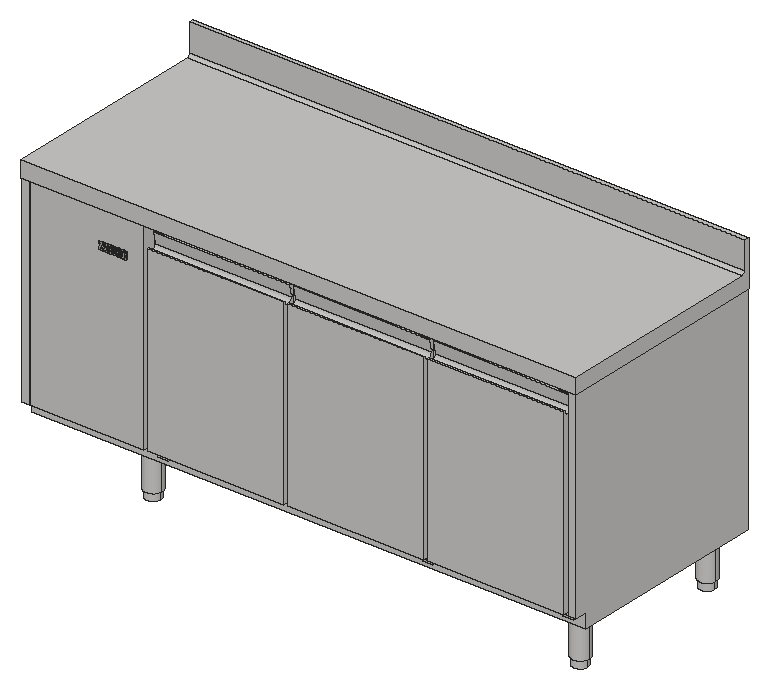
Revit family "QF_ZANUSSI_111038_ZH3H3AAA", category Specialty Equipment, Revit 2018 (continued)
Definition of nested family "ZAN_Cooling Unit"
  Lines and regions (mm)
    Split face 129
      outline origin (55.016, 2, -293.144) x (0, 0, 1) y (-1, 0, 0)
        loop
          arc (502.647, 116.535) -> (506.648, 112.533) -> (510.649, 116.535) r 4.001
          line (510.649, 116.535) -> (510.649, 158.547)
    Split face 130
      outline origin (110.032, 2, -113.091) x (0, 0, 1) y (-1, 0, 0)
        loop
          arc (510.649, 158.547) -> (506.648, 162.548) -> (502.647, 158.547) r 4.001
          line (502.647, 158.547) -> (502.647, 116.535)
          arc (502.647, 116.535) -> (506.648, 112.533) -> (510.649, 116.535) r 4.001
          line (510.649, 116.535) -> (510.649, 158.547)
    Split face 131
      outline origin (110.032, 2, -125.094) x (0, 0, 1) y (-1, 0, 0)
        loop
          arc (510.649, 158.547) -> (506.648, 162.548) -> (502.647, 158.547) r 4.001
          line (502.647, 158.547) -> (502.647, 116.535)
          arc (502.647, 116.535) -> (506.648, 112.533) -> (510.649, 116.535) r 4.001
          line (510.649, 116.535) -> (510.649, 158.547)
    Split face 132
      outline origin (110.032, 2, -137.098) x (0, 0, 1) y (-1, 0, 0)
        loop
          arc (510.649, 158.547) -> (506.648, 162.548) -> (502.647, 158.547) r 4.001
          line (502.647, 158.547) -> (502.647, 116.535)
          arc (502.647, 116.535) -> (506.648, 112.533) -> (510.649, 116.535) r 4.001
          line (510.649, 116.535) -> (510.649, 158.547)
    Split face 133
      outline origin (110.032, 2, -149.101) x (0, 0, 1) y (-1, 0, 0)
        loop
          arc (510.649, 158.547) -> (506.648, 162.548) -> (502.647, 158.547) r 4.001
          line (502.647, 158.547) -> (502.647, 116.535)
          arc (502.647, 116.535) -> (506.648, 112.533) -> (510.649, 116.535) r 4.001
          line (510.649, 116.535) -> (510.649, 158.547)
    Split face 134
      outline origin (110.032, 2, -161.105) x (0, 0, 1) y (-1, 0, 0)
        loop
          arc (510.649, 158.547) -> (506.648, 162.548) -> (502.647, 158.547) r 4.001
          line (502.647, 158.547) -> (502.647, 116.535)
          arc (502.647, 116.535) -> (506.648, 112.533) -> (510.649, 116.535) r 4.001
          line (510.649, 116.535) -> (510.649, 158.547)
    Split face 135
      outline origin (110.032, 2, -173.108) x (0, 0, 1) y (-1, 0, 0)
        loop
          arc (510.649, 158.547) -> (506.648, 162.548) -> (502.647, 158.547) r 4.001
          line (502.647, 158.547) -> (502.647, 116.535)
          arc (502.647, 116.535) -> (506.648, 112.533) -> (510.649, 116.535) r 4.001
          line (510.649, 116.535) -> (510.649, 158.547)
    Split face 136
      outline origin (110.032, 2, -185.112) x (0, 0, 1) y (-1, 0, 0)
        loop
          arc (510.649, 158.547) -> (506.648, 162.548) -> (502.647, 158.547) r 4.001
          line (502.647, 158.547) -> (502.647, 116.535)
          arc (502.647, 116.535) -> (506.648, 112.533) -> (510.649, 116.535) r 4.001
          line (510.649, 116.535) -> (510.649, 158.547)
    Split face 137
      outline origin (110.032, 2, -197.115) x (0, 0, 1) y (-1, 0, 0)
        loop
          arc (510.649, 158.547) -> (506.648, 162.548) -> (502.647, 158.547) r 4.001
          line (502.647, 158.547) -> (502.647, 116.535)
          arc (502.647, 116.535) -> (506.648, 112.533) -> (510.649, 116.535) r 4.001
          line (510.649, 116.535) -> (510.649, 158.547)
    Split face 138
      outline origin (110.032, 2, -209.119) x (0, 0, 1) y (-1, 0, 0)
        loop
          arc (510.649, 158.547) -> (506.648, 162.548) -> (502.647, 158.547) r 4.001
          line (502.647, 158.547) -> (502.647, 116.535)
          arc (502.647, 116.535) -> (506.648, 112.533) -> (510.649, 116.535) r 4.001
          line (510.649, 116.535) -> (510.649, 158.547)
    Split face 139
      outline origin (110.032, 2, -221.122) x (0, 0, 1) y (-1, 0, 0)
        loop
          arc (510.649, 158.547) -> (506.648, 162.548) -> (502.647, 158.547) r 4.001
          line (502.647, 158.547) -> (502.647, 116.535)
          arc (502.647, 116.535) -> (506.648, 112.533) -> (510.649, 116.535) r 4.001
          line (510.649, 116.535) -> (510.649, 158.547)
    Split face 140
      outline origin (110.032, 2, -233.126) x (0, 0, 1) y (-1, 0, 0)
        loop
          arc (510.649, 158.547) -> (506.648, 162.548) -> (502.647, 158.547) r 4.001
          line (502.647, 158.547) -> (502.647, 116.535)
          arc (502.647, 116.535) -> (506.648, 112.533) -> (510.649, 116.535) r 4.001
          line (510.649, 116.535) -> (510.649, 158.547)
    Split face 141
      outline origin (110.032, 2, -245.129) x (0, 0, 1) y (-1, 0, 0)
        loop
          arc (510.649, 158.547) -> (506.648, 162.548) -> (502.647, 158.547) r 4.001
          line (502.647, 158.547) -> (502.647, 116.535)
          arc (502.647, 116.535) -> (506.648, 112.533) -> (510.649, 116.535) r 4.001
          line (510.649, 116.535) -> (510.649, 158.547)
    Split face 142
      outline origin (110.032, 2, -257.133) x (0, 0, 1) y (-1, 0, 0)
        loop
          arc (510.649, 158.547) -> (506.648, 162.548) -> (502.647, 158.547) r 4.001
          line (502.647, 158.547) -> (502.647, 116.535)
          arc (502.647, 116.535) -> (506.648, 112.533) -> (510.649, 116.535) r 4.001
          line (510.649, 116.535) -> (510.649, 158.547)
    Split face 143
      outline origin (110.032, 2, -269.136) x (0, 0, 1) y (-1, 0, 0)
        loop
          arc (510.649, 158.547) -> (506.648, 162.548) -> (502.647, 158.547) r 4.001
          line (502.647, 158.547) -> (502.647, 116.535)
          arc (502.647, 116.535) -> (506.648, 112.533) -> (510.649, 116.535) r 4.001
          line (510.649, 116.535) -> (510.649, 158.547)
    Split face 144
      outline origin (110.032, 2, -281.14) x (0, 0, 1) y (-1, 0, 0)
        loop
          arc (510.649, 158.547) -> (506.648, 162.548) -> (502.647, 158.547) r 4.001
          line (502.647, 158.547) -> (502.647, 116.535)
          arc (502.647, 116.535) -> (506.648, 112.533) -> (510.649, 116.535) r 4.001
          line (510.649, 116.535) -> (510.649, 158.547)
    Split face 145
      outline origin (110.032, 2, -293.144) x (0, 0, 1) y (-1, 0, 0)
        loop
          arc (510.649, 158.547) -> (506.648, 162.548) -> (502.647, 158.547) r 4.001
          line (502.647, 158.547) -> (502.647, 116.535)
          arc (502.647, 116.535) -> (506.648, 112.533) -> (510.649, 116.535) r 4.001
          line (510.649, 116.535) -> (510.649, 158.547)
    Split face 146
      outline origin (165.048, 2, -113.091) x (0, 0, 1) y (-1, 0, 0)
        loop
          arc (510.649, 158.547) -> (506.648, 162.548) -> (502.647, 158.547) r 4.001
          line (502.647, 158.547) -> (502.647, 116.535)
          arc (502.647, 116.535) -> (506.648, 112.533) -> (510.649, 116.535) r 4.001
          line (510.649, 116.535) -> (510.649, 158.547)
    Split face 147
      outline origin (165.048, 2, -125.094) x (0, 0, 1) y (-1, 0, 0)
        loop
          arc (510.649, 158.547) -> (506.648, 162.548) -> (502.647, 158.547) r 4.001
          line (502.647, 158.547) -> (502.647, 116.535)
          arc (502.647, 116.535) -> (506.648, 112.533) -> (510.649, 116.535) r 4.001
          line (510.649, 116.535) -> (510.649, 158.547)
    Split face 148
      outline origin (165.048, 2, -137.098) x (0, 0, 1) y (-1, 0, 0)
        loop
          arc (510.649, 158.547) -> (506.648, 162.548) -> (502.647, 158.547) r 4.001
          line (502.647, 158.547) -> (502.647, 116.535)
          arc (502.647, 116.535) -> (506.648, 112.533) -> (510.649, 116.535) r 4.001
          line (510.649, 116.535) -> (510.649, 158.547)
    Split face 149
      outline origin (165.048, 2, -149.101) x (0, 0, 1) y (-1, 0, 0)
        loop
          arc (510.649, 158.547) -> (506.648, 162.548) -> (502.647, 158.547) r 4.001
          line (502.647, 158.547) -> (502.647, 116.535)
          arc (502.647, 116.535) -> (506.648, 112.533) -> (510.649, 116.535) r 4.001
          line (510.649, 116.535) -> (510.649, 158.547)
    Split face 150
      outline origin (165.048, 2, -161.105) x (0, 0, 1) y (-1, 0, 0)
        loop
          arc (510.649, 158.547) -> (506.648, 162.548) -> (502.647, 158.547) r 4.001
          line (502.647, 158.547) -> (502.647, 116.535)
          arc (502.647, 116.535) -> (506.648, 112.533) -> (510.649, 116.535) r 4.001
          line (510.649, 116.535) -> (510.649, 158.547)
    Split face 151
      outline origin (165.048, 2, -173.108) x (0, 0, 1) y (-1, 0, 0)
        loop
          arc (510.649, 158.547) -> (506.648, 162.548) -> (502.647, 158.547) r 4.001
          line (502.647, 158.547) -> (502.647, 116.535)
          arc (502.647, 116.535) -> (506.648, 112.533) -> (510.649, 116.535) r 4.001
          line (510.649, 116.535) -> (510.649, 158.547)
    Split face 152
      outline origin (165.048, 2, -185.112) x (0, 0, 1) y (-1, 0, 0)
        loop
          arc (510.649, 158.547) -> (506.648, 162.548) -> (502.647, 158.547) r 4.001
          line (502.647, 158.547) -> (502.647, 116.535)
          arc (502.647, 116.535) -> (506.648, 112.533) -> (510.649, 116.535) r 4.001
          line (510.649, 116.535) -> (510.649, 158.547)
    Split face 153
      outline origin (165.048, 2, -197.115) x (0, 0, 1) y (-1, 0, 0)
        loop
          arc (510.649, 158.547) -> (506.648, 162.548) -> (502.647, 158.547) r 4.001
          line (502.647, 158.547) -> (502.647, 116.535)
          arc (502.647, 116.535) -> (506.648, 112.533) -> (510.649, 116.535) r 4.001
          line (510.649, 116.535) -> (510.649, 158.547)
    Split face 154
      outline origin (165.048, 2, -209.119) x (0, 0, 1) y (-1, 0, 0)
        loop
          arc (510.649, 158.547) -> (506.648, 162.548) -> (502.647, 158.547) r 4.001
          line (502.647, 158.547) -> (502.647, 116.535)
          arc (502.647, 116.535) -> (506.648, 112.533) -> (510.649, 116.535) r 4.001
          line (510.649, 116.535) -> (510.649, 158.547)
    Split face 155
      outline origin (165.048, 2, -221.122) x (0, 0, 1) y (-1, 0, 0)
        loop
          arc (510.649, 158.547) -> (506.648, 162.548) -> (502.647, 158.547) r 4.001
          line (502.647, 158.547) -> (502.647, 116.535)
          arc (502.647, 116.535) -> (506.648, 112.533) -> (510.649, 116.535) r 4.001
          line (510.649, 116.535) -> (510.649, 158.547)
    Split face 156
      outline origin (165.048, 2, -233.126) x (0, 0, 1) y (-1, 0, 0)
        loop
          arc (510.649, 158.547) -> (506.648, 162.548) -> (502.647, 158.547) r 4.001
          line (502.647, 158.547) -> (502.647, 116.535)
          arc (502.647, 116.535) -> (506.648, 112.533) -> (510.649, 116.535) r 4.001
          line (510.649, 116.535) -> (510.649, 158.547)
    Split face 157
      outline origin (165.048, 2, -245.129) x (0, 0, 1) y (-1, 0, 0)
        loop
          arc (510.649, 158.547) -> (506.648, 162.548) -> (502.647, 158.547) r 4.001
          line (502.647, 158.547) -> (502.647, 116.535)
          arc (502.647, 116.535) -> (506.648, 112.533) -> (510.649, 116.535) r 4.001
          line (510.649, 116.535) -> (510.649, 158.547)
    Split face 158
      outline origin (165.048, 2, -257.133) x (0, 0, 1) y (-1, 0, 0)
        loop
          arc (510.649, 158.547) -> (506.648, 162.548) -> (502.647, 158.547) r 4.001
          line (502.647, 158.547) -> (502.647, 116.535)
          arc (502.647, 116.535) -> (506.648, 112.533) -> (510.649, 116.535) r 4.001
          line (510.649, 116.535) -> (510.649, 158.547)
    Split face 159
      outline origin (165.048, 2, -269.136) x (0, 0, 1) y (-1, 0, 0)
        loop
          arc (510.649, 158.547) -> (506.648, 162.548) -> (502.647, 158.547) r 4.001
          line (502.647, 158.547) -> (502.647, 116.535)
          arc (502.647, 116.535) -> (506.648, 112.533) -> (510.649, 116.535) r 4.001
          line (510.649, 116.535) -> (510.649, 158.547)
    Split face 160
      outline origin (165.048, 2, -281.14) x (0, 0, 1) y (-1, 0, 0)
        loop
          arc (510.649, 158.547) -> (506.648, 162.548) -> (502.647, 158.547) r 4.001
          line (502.647, 158.547) -> (502.647, 116.535)
          arc (502.647, 116.535) -> (506.648, 112.533) -> (510.649, 116.535) r 4.001
          line (510.649, 116.535) -> (510.649, 158.547)
    Split face 161
      outline origin (165.048, 2, -293.144) x (0, 0, 1) y (-1, 0, 0)
        loop
          arc (510.649, 158.547) -> (506.648, 162.548) -> (502.647, 158.547) r 4.001
          line (502.647, 158.547) -> (502.647, 116.535)
          arc (502.647, 116.535) -> (506.648, 112.533) -> (510.649, 116.535) r 4.001
          line (510.649, 116.535) -> (510.649, 158.547)
    Split face 162
      outline origin (220.064, 2, -113.091) x (0, 0, 1) y (-1, 0, 0)
        loop
          arc (510.649, 158.547) -> (506.648, 162.548) -> (502.647, 158.547) r 4.001
          line (502.647, 158.547) -> (502.647, 116.535)
          arc (502.647, 116.535) -> (506.648, 112.533) -> (510.649, 116.535) r 4.001
          line (510.649, 116.535) -> (510.649, 158.547)
    Split face 163
      outline origin (220.064, 2, -125.094) x (0, 0, 1) y (-1, 0, 0)
        loop
          arc (510.649, 158.547) -> (506.648, 162.548) -> (502.647, 158.547) r 4.001
          line (502.647, 158.547) -> (502.647, 116.535)
          arc (502.647, 116.535) -> (506.648, 112.533) -> (510.649, 116.535) r 4.001
          line (510.649, 116.535) -> (510.649, 158.547)
    Split face 164
      outline origin (220.064, 2, -137.098) x (0, 0, 1) y (-1, 0, 0)
        loop
          arc (510.649, 158.547) -> (506.648, 162.548) -> (502.647, 158.547) r 4.001
          line (502.647, 158.547) -> (502.647, 116.535)
          arc (502.647, 116.535) -> (506.648, 112.533) -> (510.649, 116.535) r 4.001
          line (510.649, 116.535) -> (510.649, 158.547)
    Split face 165
      outline origin (220.064, 2, -149.101) x (0, 0, 1) y (-1, 0, 0)
        loop
          arc (510.649, 158.547) -> (506.648, 162.548) -> (502.647, 158.547) r 4.001
          line (502.647, 158.547) -> (502.647, 116.535)
          arc (502.647, 116.535) -> (506.648, 112.533) -> (510.649, 116.535) r 4.001
          line (510.649, 116.535) -> (510.649, 158.547)
    Split face 166
      outline origin (220.064, 2, -161.105) x (0, 0, 1) y (-1, 0, 0)
        loop
          arc (510.649, 158.547) -> (506.648, 162.548) -> (502.647, 158.547) r 4.001
          line (502.647, 158.547) -> (502.647, 116.535)
          arc (502.647, 116.535) -> (506.648, 112.533) -> (510.649, 116.535) r 4.001
          line (510.649, 116.535) -> (510.649, 158.547)
    Split face 167
      outline origin (220.064, 2, -173.108) x (0, 0, 1) y (-1, 0, 0)
        loop
          arc (510.649, 158.547) -> (506.648, 162.548) -> (502.647, 158.547) r 4.001
          line (502.647, 158.547) -> (502.647, 116.535)
          arc (502.647, 116.535) -> (506.648, 112.533) -> (510.649, 116.535) r 4.001
          line (510.649, 116.535) -> (510.649, 158.547)
    Split face 168
      outline origin (220.064, 2, -185.112) x (0, 0, 1) y (-1, 0, 0)
        loop
          arc (510.649, 158.547) -> (506.648, 162.548) -> (502.647, 158.547) r 4.001
          line (502.647, 158.547) -> (502.647, 116.535)
          arc (502.647, 116.535) -> (506.648, 112.533) -> (510.649, 116.535) r 4.001
          line (510.649, 116.535) -> (510.649, 158.547)
    Split face 169
      outline origin (220.064, 2, -197.115) x (0, 0, 1) y (-1, 0, 0)
        loop
          arc (510.649, 158.547) -> (506.648, 162.548) -> (502.647, 158.547) r 4.001
          line (502.647, 158.547) -> (502.647, 116.535)
          arc (502.647, 116.535) -> (506.648, 112.533) -> (510.649, 116.535) r 4.001
          line (510.649, 116.535) -> (510.649, 158.547)
    Split face 170
      outline origin (220.064, 2, -209.119) x (0, 0, 1) y (-1, 0, 0)
        loop
          arc (510.649, 158.547) -> (506.648, 162.548) -> (502.647, 158.547) r 4.001
          line (502.647, 158.547) -> (502.647, 116.535)
          arc (502.647, 116.535) -> (506.648, 112.533) -> (510.649, 116.535) r 4.001
          line (510.649, 116.535) -> (510.649, 158.547)
    Split face 171
      outline origin (220.064, 2, -221.122) x (0, 0, 1) y (-1, 0, 0)
        loop
          arc (510.649, 158.547) -> (506.648, 162.548) -> (502.647, 158.547) r 4.001
          line (502.647, 158.547) -> (502.647, 116.535)
          arc (502.647, 116.535) -> (506.648, 112.533) -> (510.649, 116.535) r 4.001
          line (510.649, 116.535) -> (510.649, 158.547)
    Split face 172
      outline origin (220.064, 2, -233.126) x (0, 0, 1) y (-1, 0, 0)
        loop
          arc (510.649, 158.547) -> (506.648, 162.548) -> (502.647, 158.547) r 4.001
          line (502.647, 158.547) -> (502.647, 116.535)
          arc (502.647, 116.535) -> (506.648, 112.533) -> (510.649, 116.535) r 4.001
          line (510.649, 116.535) -> (510.649, 158.547)
    Split face 173
      outline origin (220.064, 2, -245.129) x (0, 0, 1) y (-1, 0, 0)
        loop
          arc (510.649, 158.547) -> (506.648, 162.548) -> (502.647, 158.547) r 4.001
          line (502.647, 158.547) -> (502.647, 116.535)
          arc (502.647, 116.535) -> (506.648, 112.533) -> (510.649, 116.535) r 4.001
          line (510.649, 116.535) -> (510.649, 158.547)
    Split face 174
      outline origin (220.064, 2, -257.133) x (0, 0, 1) y (-1, 0, 0)
        loop
          arc (510.649, 158.547) -> (506.648, 162.548) -> (502.647, 158.547) r 4.001
          line (502.647, 158.547) -> (502.647, 116.535)
          arc (502.647, 116.535) -> (506.648, 112.533) -> (510.649, 116.535) r 4.001
          line (510.649, 116.535) -> (510.649, 158.547)
    Split face 175
      outline origin (220.064, 2, -269.136) x (0, 0, 1) y (-1, 0, 0)
        loop
          arc (510.649, 158.547) -> (506.648, 162.548) -> (502.647, 158.547) r 4.001
          line (502.647, 158.547) -> (502.647, 116.535)
          arc (502.647, 116.535) -> (506.648, 112.533) -> (510.649, 116.535) r 4.001
          line (510.649, 116.535) -> (510.649, 158.547)
    Split face 176
      outline origin (220.064, 2, -281.14) x (0, 0, 1) y (-1, 0, 0)
        loop
          arc (510.649, 158.547) -> (506.648, 162.548) -> (502.647, 158.547) r 4.001
          line (502.647, 158.547) -> (502.647, 116.535)
          arc (502.647, 116.535) -> (506.648, 112.533) -> (510.649, 116.535) r 4.001
          line (510.649, 116.535) -> (510.649, 158.547)
    Split face 177
      outline origin (220.064, 2, -293.144) x (0, 0, 1) y (-1, 0, 0)
        loop
          arc (510.649, 158.547) -> (506.648, 162.548) -> (502.647, 158.547) r 4.001
          line (502.647, 158.547) -> (502.647, 116.535)
          arc (502.647, 116.535) -> (506.648, 112.533) -> (510.649, 116.535) r 4.001
          line (510.649, 116.535) -> (510.649, 158.547)
    Split face 178
      outline origin (275.081, 2, -113.091) x (0, 0, 1) y (-1, 0, 0)
        loop
          arc (510.649, 158.547) -> (506.648, 162.548) -> (502.647, 158.547) r 4.001
          line (502.647, 158.547) -> (502.647, 116.535)
          arc (502.647, 116.535) -> (506.648, 112.533) -> (510.649, 116.535) r 4.001
          line (510.649, 116.535) -> (510.649, 158.547)
    Split face 179
      outline origin (275.081, 2, -125.094) x (0, 0, 1) y (-1, 0, 0)
        loop
          arc (510.649, 158.547) -> (506.648, 162.548) -> (502.647, 158.547) r 4.001
          line (502.647, 158.547) -> (502.647, 116.535)
          arc (502.647, 116.535) -> (506.648, 112.533) -> (510.649, 116.535) r 4.001
          line (510.649, 116.535) -> (510.649, 158.547)
    Split face 180
      outline origin (275.081, 2, -137.098) x (0, 0, 1) y (-1, 0, 0)
        loop
          arc (510.649, 158.547) -> (506.648, 162.548) -> (502.647, 158.547) r 4.001
          line (502.647, 158.547) -> (502.647, 116.535)
          arc (502.647, 116.535) -> (506.648, 112.533) -> (510.649, 116.535) r 4.001
          line (510.649, 116.535) -> (510.649, 158.547)
    Split face 181
      outline origin (275.081, 2, -149.101) x (0, 0, 1) y (-1, 0, 0)
        loop
          arc (510.649, 158.547) -> (506.648, 162.548) -> (502.647, 158.547) r 4.001
          line (502.647, 158.547) -> (502.647, 116.535)
          arc (502.647, 116.535) -> (506.648, 112.533) -> (510.649, 116.535) r 4.001
          line (510.649, 116.535) -> (510.649, 158.547)
    Split face 182
      outline origin (275.081, 2, -161.105) x (0, 0, 1) y (-1, 0, 0)
        loop
          arc (510.649, 158.547) -> (506.648, 162.548) -> (502.647, 158.547) r 4.001
          line (502.647, 158.547) -> (502.647, 116.535)
          arc (502.647, 116.535) -> (506.648, 112.533) -> (510.649, 116.535) r 4.001
          line (510.649, 116.535) -> (510.649, 158.547)
    Split face 183
      outline origin (275.081, 2, -173.108) x (0, 0, 1) y (-1, 0, 0)
        loop
          arc (510.649, 158.547) -> (506.648, 162.548) -> (502.647, 158.547) r 4.001
          line (502.647, 158.547) -> (502.647, 116.535)
          arc (502.647, 116.535) -> (506.648, 112.533) -> (510.649, 116.535) r 4.001
          line (510.649, 116.535) -> (510.649, 158.547)
    Split face 184
      outline origin (275.081, 2, -185.112) x (0, 0, 1) y (-1, 0, 0)
        loop
          arc (510.649, 158.547) -> (506.648, 162.548) -> (502.647, 158.547) r 4.001
          line (502.647, 158.547) -> (502.647, 116.535)
          arc (502.647, 116.535) -> (506.648, 112.533) -> (510.649, 116.535) r 4.001
          line (510.649, 116.535) -> (510.649, 158.547)
    Split face 185
      outline origin (275.081, 2, -197.115) x (0, 0, 1) y (-1, 0, 0)
        loop
          arc (510.649, 158.547) -> (506.648, 162.548) -> (502.647, 158.547) r 4.001
          line (502.647, 158.547) -> (502.647, 116.535)
          arc (502.647, 116.535) -> (506.648, 112.533) -> (510.649, 116.535) r 4.001
          line (510.649, 116.535) -> (510.649, 158.547)
    Split face 186
      outline origin (275.081, 2, -209.119) x (0, 0, 1) y (-1, 0, 0)
        loop
          arc (510.649, 158.547) -> (506.648, 162.548) -> (502.647, 158.547) r 4.001
          line (502.647, 158.547) -> (502.647, 116.535)
          arc (502.647, 116.535) -> (506.648, 112.533) -> (510.649, 116.535) r 4.001
          line (510.649, 116.535) -> (510.649, 158.547)
    Split face 187
      outline origin (275.081, 2, -221.122) x (0, 0, 1) y (-1, 0, 0)
        loop
          arc (510.649, 158.547) -> (506.648, 162.548) -> (502.647, 158.547) r 4.001
          line (502.647, 158.547) -> (502.647, 116.535)
          arc (502.647, 116.535) -> (506.648, 112.533) -> (510.649, 116.535) r 4.001
          line (510.649, 116.535) -> (510.649, 158.547)
    Split face 188
      outline origin (275.081, 2, -233.126) x (0, 0, 1) y (-1, 0, 0)
        loop
          arc (510.649, 158.547) -> (506.648, 162.548) -> (502.647, 158.547) r 4.001
          line (502.647, 158.547) -> (502.647, 116.535)
          arc (502.647, 116.535) -> (506.648, 112.533) -> (510.649, 116.535) r 4.001
          line (510.649, 116.535) -> (510.649, 158.547)
    Split face 189
      outline origin (275.081, 2, -245.129) x (0, 0, 1) y (-1, 0, 0)
        loop
          arc (510.649, 158.547) -> (506.648, 162.548) -> (502.647, 158.547) r 4.001
          line (502.647, 158.547) -> (502.647, 116.535)
          arc (502.647, 116.535) -> (506.648, 112.533) -> (510.649, 116.535) r 4.001
          line (510.649, 116.535) -> (510.649, 158.547)
    Split face 190
      outline origin (275.081, 2, -257.133) x (0, 0, 1) y (-1, 0, 0)
        loop
          arc (510.649, 158.547) -> (506.648, 162.548) -> (502.647, 158.547) r 4.001
          line (502.647, 158.547) -> (502.647, 116.535)
          arc (502.647, 116.535) -> (506.648, 112.533) -> (510.649, 116.535) r 4.001
          line (510.649, 116.535) -> (510.649, 158.547)
    Split face 191
      outline origin (275.081, 2, -269.136) x (0, 0, 1) y (-1, 0, 0)
        loop
          arc (510.649, 158.547) -> (506.648, 162.548) -> (502.647, 158.547) r 4.001
          line (502.647, 158.547) -> (502.647, 116.535)
          arc (502.647, 116.535) -> (506.648, 112.533) -> (510.649, 116.535) r 4.001
          line (510.649, 116.535) -> (510.649, 158.547)
    Split face 192
      outline origin (275.081, 2, -281.14) x (0, 0, 1) y (-1, 0, 0)
        loop
          arc (510.649, 158.547) -> (506.648, 162.548) -> (502.647, 158.547) r 4.001
          line (502.647, 158.547) -> (502.647, 116.535)
          arc (502.647, 116.535) -> (506.648, 112.533) -> (510.649, 116.535) r 4.001
          line (510.649, 116.535) -> (510.649, 158.547)
    Split face 193
      outline origin (275.081, 2, -293.144) x (0, 0, 1) y (-1, 0, 0)
        loop
          arc (510.649, 158.547) -> (506.648, 162.548) -> (502.647, 158.547) r 4.001
          line (502.647, 158.547) -> (502.647, 116.535)
          arc (502.647, 116.535) -> (506.648, 112.533) -> (510.649, 116.535) r 4.001
          line (510.649, 116.535) -> (510.649, 158.547)
    Split face 194
      outline origin (0, 2, 197) x (0, 0, 1) y (-1, 0, 0)
        loop
          spline (566.835, 20.381) -> (564.628, 19.058) -> (561.987, 18.027) -> (558.955, 17.386) -> (555.581, 17.244) -> (551.912, 17.703) -> (547.993, 18.863) -> (543.871, 20.83) -> (539.591, 23.706) -> (535.202, 27.594) -> (530.748, 32.597) -> (526.28, 38.824) -> (521.835, 46.362)
        loop
          spline (521.835, 58.392) -> (525.386, 49.242) -> (529.197, 41.481) -> (533.2, 35.023) -> (537.329, 29.786) -> (541.516, 25.684) -> (545.695, 22.634) -> (549.798, 20.552) -> (553.759, 19.355) -> (557.511, 18.958) -> (560.984, 19.275) -> (564.115, 20.227) -> (566.835, 21.726)
    Split face 195
      outline origin (0, 2, 197) x (0, 0, 1) y (-1, 0, 0)
        loop
          line (555.835, 149.5) -> (532.835, 149.5) -> (532.835, 94.5) -> (555.835, 94.5) -> (555.835, 149.5)
  Dimensions and locks
    aligned and locked: level to plane 2
  Nested families
    nested 1: "ZAN_Logo_S_Grey" at (85, 2, 741.213) x (1, 0, 0) z (0, -1, 0), visible <- "Show Logo", type "ZAN_Logo_S_Grey"
  Definition of nested family "ZAN_Logo_S_Grey"
    Parameters
      Default Elevation = 0 mm
    Reference planes
      plane 1 "Centro (Fronte/Retro)": y = 0
      plane 2: z = 0
      plane 3 "Centro (Sinistra/Destra)": x = 0
    Forms (mm)
      Extrusion 1, solid
        sketch origin (0, 0, 0) x (1, 0, 0) y (0, 1, 0)
          loop
            line (-1219.2, 1219.2) -> (-1219.2, -1219.2) -> (1219.2, -1219.2) -> (1219.2, 1219.2) -> (-1219.2, 1219.2)
        from 0 to -304.8
      Extrusion 2, solid
        sketch origin (17.793, -46.218, 0) x (-1, 0, 0) y (0, -1, 0)
          loop
            spline (-4.176, -58.079) -> (-3.496, -58.328) -> (-2.793, -58.512) -> (-2.075, -58.63) -> (-1.348, -58.682) -> (-0.619, -58.669) -> (0.106, -58.588) -> (0.818, -58.44) -> (1.512, -58.225) -> (2.18, -57.941) -> (2.817, -57.589) -> (3.414, -57.167) -> (3.966, -56.676)
            spline (3.966, -56.676) -> (4.293, -56.162) -> (4.575, -55.61) -> (4.81, -55.026) -> (5, -54.419) -> (5.146, -53.797) -> (5.247, -53.166) -> (5.304, -52.536) -> (5.318, -51.913) -> (5.288, -51.306) -> (5.217, -50.723) -> (5.103, -50.17) -> (4.949, -49.657)
            line (4.949, -49.657) -> (2.702, -46.428) -> (0.316, -44.323)
            spline (0.316, -44.323) -> (0.065, -44.115) -> (-0.195, -43.909) -> (-0.46, -43.704) -> (-0.729, -43.496) -> (-0.997, -43.282) -> (-1.263, -43.059) -> (-1.523, -42.825) -> (-1.774, -42.576) -> (-2.013, -42.309) -> (-2.238, -42.022) -> (-2.445, -41.712) -> (-2.632, -41.375)
            spline (-2.632, -41.375) -> (-2.666, -41.159) -> (-2.697, -40.934) -> (-2.722, -40.701) -> (-2.736, -40.465) -> (-2.736, -40.227) -> (-2.72, -39.989) -> (-2.682, -39.754) -> (-2.621, -39.524) -> (-2.533, -39.302) -> (-2.414, -39.091) -> (-2.261, -38.892) -> (-2.07, -38.708)
            line (-2.07, -38.708) -> (-0.245, -38.567)
            spline (-0.245, -38.567) -> (0.096, -38.8) -> (0.354, -39.074) -> (0.54, -39.381) -> (0.664, -39.716) -> (0.738, -40.073) -> (0.772, -40.445) -> (0.777, -40.825) -> (0.763, -41.208) -> (0.742, -41.588) -> (0.723, -41.957) -> (0.718, -42.309) -> (0.737, -42.638)
            line (0.737, -42.638) -> (5.65, -42.638)
            spline (5.65, -42.638) -> (5.708, -42.042) -> (5.741, -41.448) -> (5.747, -40.857) -> (5.723, -40.273) -> (5.668, -39.696) -> (5.58, -39.129) -> (5.457, -38.574) -> (5.297, -38.032) -> (5.098, -37.506) -> (4.857, -36.997) -> (4.574, -36.508) -> (4.247, -36.041)
            spline (4.247, -36.041) -> (3.844, -35.675) -> (3.409, -35.35) -> (2.946, -35.065) -> (2.458, -34.819) -> (1.949, -34.612) -> (1.421, -34.444) -> (0.88, -34.314) -> (0.326, -34.221) -> (-0.234, -34.165) -> (-0.8, -34.146) -> (-1.366, -34.163) -> (-1.93, -34.216)
            spline (-1.93, -34.216) -> (-2.526, -34.309) -> (-3.116, -34.448) -> (-3.695, -34.633) -> (-4.259, -34.861) -> (-4.801, -35.131) -> (-5.316, -35.444) -> (-5.799, -35.798) -> (-6.245, -36.191) -> (-6.648, -36.624) -> (-7.002, -37.095) -> (-7.303, -37.603) -> (-7.545, -38.146)
            spline (-7.545, -38.146) -> (-7.694, -38.815) -> (-7.792, -39.487) -> (-7.839, -40.158) -> (-7.836, -40.824) -> (-7.785, -41.482) -> (-7.685, -42.129) -> (-7.539, -42.762) -> (-7.347, -43.377) -> (-7.111, -43.97) -> (-6.83, -44.538) -> (-6.506, -45.078) -> (-6.141, -45.586)
            line (-6.141, -45.586) -> (-0.526, -50.64) -> (0.176, -51.482)
            spline (0.176, -51.482) -> (0.248, -51.66) -> (0.323, -51.843) -> (0.397, -52.03) -> (0.467, -52.22) -> (0.529, -52.412) -> (0.579, -52.605) -> (0.615, -52.798) -> (0.633, -52.989) -> (0.63, -53.179) -> (0.601, -53.366) -> (0.545, -53.55) -> (0.456, -53.728)
            spline (0.456, -53.728) -> (0.375, -53.892) -> (0.273, -54.034) -> (0.154, -54.155) -> (0.02, -54.258) -> (-0.126, -54.343) -> (-0.28, -54.412) -> (-0.441, -54.466) -> (-0.604, -54.508) -> (-0.767, -54.537) -> (-0.928, -54.556) -> (-1.082, -54.567) -> (-1.228, -54.57)
            line (-1.228, -54.57) -> (-2.632, -53.587) -> (-2.772, -50.64) -> (-7.405, -50.64)
            spline (-7.405, -50.64) -> (-7.41, -51.031) -> (-7.423, -51.432) -> (-7.44, -51.839) -> (-7.456, -52.251) -> (-7.469, -52.665) -> (-7.475, -53.079) -> (-7.468, -53.489) -> (-7.446, -53.894) -> (-7.404, -54.291) -> (-7.339, -54.679) -> (-7.247, -55.053) -> (-7.123, -55.412)
            spline (-7.123, -55.412) -> (-6.999, -55.693) -> (-6.837, -55.97) -> (-6.643, -56.244) -> (-6.422, -56.509) -> (-6.177, -56.765) -> (-5.913, -57.009) -> (-5.634, -57.238) -> (-5.346, -57.45) -> (-5.051, -57.643) -> (-4.755, -57.814) -> (-4.462, -57.96) -> (-4.176, -58.079)
          loop
            spline (-21.021, -55.552) -> (-20.633, -56.181) -> (-20.177, -56.736) -> (-19.661, -57.217) -> (-19.092, -57.627) -> (-18.478, -57.966) -> (-17.827, -58.237) -> (-17.147, -58.441) -> (-16.446, -58.578) -> (-15.73, -58.652) -> (-15.009, -58.662) -> (-14.29, -58.611) -> (-13.581, -58.5)
            spline (-13.581, -58.5) -> (-13.088, -58.407) -> (-12.595, -58.269) -> (-12.109, -58.088) -> (-11.636, -57.866) -> (-11.183, -57.605) -> (-10.756, -57.307) -> (-10.361, -56.974) -> (-10.004, -56.608) -> (-9.692, -56.211) -> (-9.431, -55.784) -> (-9.228, -55.33) -> (-9.089, -54.851)
            spline (-9.089, -54.851) -> (-8.873, -54.211) -> (-8.715, -53.559) -> (-8.615, -52.901) -> (-8.574, -52.241) -> (-8.592, -51.585) -> (-8.668, -50.938) -> (-8.802, -50.306) -> (-8.995, -49.693) -> (-9.247, -49.106) -> (-9.557, -48.55) -> (-9.925, -48.03) -> (-10.352, -47.551)
            line (-10.352, -47.551) -> (-15.546, -42.919) -> (-16.669, -41.234)
            spline (-16.669, -41.234) -> (-16.704, -41.021) -> (-16.735, -40.804) -> (-16.761, -40.583) -> (-16.778, -40.361) -> (-16.784, -40.139) -> (-16.774, -39.919) -> (-16.748, -39.701) -> (-16.7, -39.488) -> (-16.63, -39.28) -> (-16.533, -39.08) -> (-16.406, -38.889) -> (-16.248, -38.708)
            line (-16.248, -38.708) -> (-14.844, -38.427)
            spline (-14.844, -38.427) -> (-14.347, -38.545) -> (-13.969, -38.749) -> (-13.695, -39.028) -> (-13.508, -39.368) -> (-13.393, -39.757) -> (-13.335, -40.182) -> (-13.318, -40.63) -> (-13.326, -41.089) -> (-13.344, -41.546) -> (-13.356, -41.988) -> (-13.347, -42.403) -> (-13.3, -42.779)
            line (-13.3, -42.779) -> (-8.387, -42.638)
            spline (-8.387, -42.638) -> (-8.326, -42.034) -> (-8.288, -41.417) -> (-8.277, -40.794) -> (-8.299, -40.169) -> (-8.357, -39.548) -> (-8.457, -38.936) -> (-8.604, -38.339) -> (-8.803, -37.762) -> (-9.058, -37.21) -> (-9.375, -36.689) -> (-9.758, -36.204) -> (-10.212, -35.76)
            spline (-10.212, -35.76) -> (-10.793, -35.336) -> (-11.409, -34.976) -> (-12.054, -34.679) -> (-12.723, -34.445) -> (-13.409, -34.273) -> (-14.107, -34.163) -> (-14.811, -34.115) -> (-15.515, -34.127) -> (-16.213, -34.2) -> (-16.899, -34.333) -> (-17.568, -34.526) -> (-18.213, -34.777)
            spline (-18.213, -34.777) -> (-18.496, -34.897) -> (-18.783, -35.044) -> (-19.071, -35.216) -> (-19.357, -35.412) -> (-19.639, -35.629) -> (-19.915, -35.865) -> (-20.182, -36.119) -> (-20.438, -36.389) -> (-20.681, -36.672) -> (-20.907, -36.967) -> (-21.115, -37.272) -> (-21.301, -37.585)
            spline (-21.301, -37.585) -> (-21.55, -38.26) -> (-21.734, -38.948) -> (-21.854, -39.647) -> (-21.91, -40.351) -> (-21.901, -41.057) -> (-21.828, -41.761) -> (-21.69, -42.459) -> (-21.489, -43.148) -> (-21.222, -43.823) -> (-20.892, -44.48) -> (-20.497, -45.116) -> (-20.038, -45.726)
            line (-20.038, -45.726) -> (-14.142, -51.061) -> (-13.44, -52.886) -> (-14.002, -54.289) -> (-15.265, -54.57) -> (-16.669, -53.587) -> (-16.81, -50.78) -> (-21.582, -50.64)
            spline (-21.582, -50.64) -> (-21.558, -51.063) -> (-21.55, -51.491) -> (-21.554, -51.92) -> (-21.561, -52.35) -> (-21.567, -52.778) -> (-21.565, -53.201) -> (-21.547, -53.619) -> (-21.509, -54.029) -> (-21.444, -54.43) -> (-21.345, -54.818) -> (-21.206, -55.193) -> (-21.021, -55.552)
          loop
            line (-22.424, -34.216) -> (-27.337, -34.216) -> (-27.337, -58.22) -> (-22.424, -58.22) -> (-22.424, -34.216)
          loop
            line (14.213, -39.971) -> (14.213, -58.22) -> (19.126, -58.22) -> (19.126, -42.077) -> (18.845, -38.146) -> (18.424, -37.164) -> (17.442, -35.9) -> (16.459, -35.199) -> (14.494, -34.356) -> (13.511, -34.216) -> (11.265, -34.216) -> (10.142, -34.497) -> (8.458, -35.479) -> (6.493, -38.287) -> (6.352, -39.269) -> (6.352, -58.22) -> (11.265, -58.22) -> (11.265, -40.392) -> (11.827, -39.129) -> (13.371, -38.988) -> (14.213, -39.971)
          loop
            line (20.249, -58.22) -> (24.741, -58.22) -> (24.741, -42.919) -> (28.812, -58.22) -> (34.006, -58.22) -> (34.006, -34.216) -> (29.654, -34.216) -> (29.654, -50.078) -> (25.583, -34.216) -> (20.249, -34.216) -> (20.249, -58.22)
          loop
            line (50.149, -58.22) -> (62.361, -58.22) -> (62.361, -53.728) -> (55.904, -53.868) -> (62.923, -39.129) -> (62.923, -34.216) -> (50.149, -34.216) -> (50.149, -39.129) -> (57.517, -39.129) -> (50.149, -54.149) -> (50.149, -58.22)
          loop
            line (38.778, -58.22) -> (45.516, -58.22) -> (49.868, -34.216) -> (44.814, -34.216) -> (44.113, -38.848) -> (40.042, -38.848) -> (39.34, -34.216) -> (34.286, -34.216) -> (38.778, -58.22)
          loop
            line (43.551, -43.2) -> (40.744, -43.2) -> (42.147, -54.117) -> (43.551, -43.2)
        from 0 to 1.644
    Dimensions and locks
      aligned and locked: plane 2 to Extrusion 1
      aligned and locked: level to Extrusion 1
Definition of nested family "Refrigerator"
  Reference planes
    plane 1 "Center (Front/Back)": y = 0
    plane 2: z = 0
    plane 3 "Center (Left/Right)": x = 0
  Lines and regions (mm)
    detail lines, in view "Ref. Level"
      curve 1: spline (-500, 190, 0) -> (-493.185, 166.706, 0) -> (-473.205, 145, 0) -> (-441.421, 126.36, 0) -> (-400, 112.058, 0) -> (-351.764, 103.067, 0) -> (-300, 100, 0) -> (-248.236, 103.067, 0) -> (-200, 112.058, 0) -> (-158.579, 126.36, 0) -> (-126.795, 145, 0) -> (-106.815, 166.706, 0) -> (-100, 190, 0) -> (-106.815, 213.294, 0) -> (-126.795, 235, 0) -> (-158.579, 253.64, 0) -> (-200, 267.942, 0) -> (-248.236, 276.933, 0) -> (-300, 280, 0) -> (-351.764, 276.933, 0) -> (-400, 267.942, 0) -> (-441.421, 253.64, 0) -> (-473.205, 235, 0) -> (-493.185, 213.294, 0) -> (-500, 190, 0)
      curve 2: line (-300, 130, 0) -> (-300, 250, 0)
      curve 3: line (-351.962, 220, 0) -> (-248.038, 160, 0)
      curve 4: line (-351.962, 160, 0) -> (-248.038, 220, 0)
      curve 5: line (-280.884, 246.873, 0) -> (-300, 225, 0)
      curve 6: line (-300, 225, 0) -> (-319.116, 246.873, 0)
      curve 7: line (-330.311, 207.5, 0) -> (-339.696, 234.992, 0)
      curve 8: line (-358.812, 201.882, 0) -> (-330.311, 207.5, 0)
      curve 9: line (-330.311, 172.5, 0) -> (-358.812, 178.118, 0)
      curve 10: line (-339.696, 145.008, 0) -> (-330.311, 172.5, 0)
      curve 11: line (-300, 155, 0) -> (-319.116, 133.127, 0)
      curve 12: line (-280.884, 133.127, 0) -> (-300, 155, 0)
      curve 13: line (-269.689, 172.5, 0) -> (-260.304, 145.008, 0)
      curve 14: line (-241.188, 178.118, 0) -> (-269.689, 172.5, 0)
      curve 15: line (-269.689, 207.5, 0) -> (-241.188, 201.882, 0)
      curve 16: line (-260.304, 234.992, 0) -> (-269.689, 207.5, 0)
